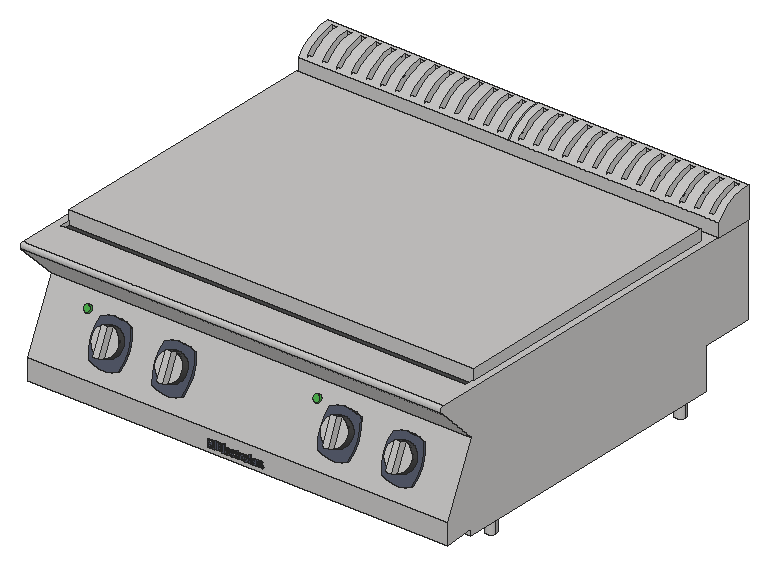
Revit family "QF_ELECTROLUXPROFESSIONAL_371028_E7HOEH4000", category Specialty Equipment, Revit 2018 (continued)
Automatic sketch dimensions
  Extrusion 13 sketch curve to Extrusion 13 sketch curve = 0.02 mm
  Extrusion 13 sketch curve to Extrusion 13 sketch curve = 0.468 mm
  Extrusion 13 sketch curve to Extrusion 13 sketch curve = 0.829 mm
  Extrusion 13 sketch curve to Extrusion 13 sketch curve = 0.582 mm
  Extrusion 13 sketch curve to Extrusion 13 sketch curve = 0.166 mm
  Extrusion 13 sketch curve to Extrusion 13 sketch curve = 0.16 mm
  Extrusion 13 sketch curve to Extrusion 13 sketch curve = 2.781 mm
  Extrusion 13 sketch curve to Extrusion 13 sketch curve = 1.118 mm
  Extrusion 13 sketch curve to Extrusion 13 sketch curve = 0.613 mm
  Extrusion 13 sketch curve to Extrusion 13 sketch curve = 0.361 mm
  Extrusion 13 sketch curve to Extrusion 13 sketch curve = 0.897 mm
  Extrusion 13 sketch curve to Extrusion 13 sketch curve = 0.167 mm
  Extrusion 13 sketch curve to Extrusion 13 sketch curve = 0.292 mm
  Extrusion 13 sketch curve to Extrusion 13 sketch curve = 0.305 mm
  Extrusion 13 sketch curve to Extrusion 13 sketch curve = 1.557 mm
  Extrusion 13 sketch curve to Extrusion 13 sketch curve = 2.499 mm
  Extrusion 13 sketch curve to Extrusion 13 sketch curve = 3.062 mm
  Extrusion 13 sketch curve to Extrusion 13 sketch curve = 2.968 mm
  Extrusion 13 sketch curve to Extrusion 13 sketch curve = 5.044 mm
  Extrusion 13 sketch curve to Extrusion 13 sketch curve = 0.629 mm  (x2)
  Extrusion 13 sketch curve to Extrusion 13 sketch curve = 1.131 mm
  Extrusion 13 sketch curve to Extrusion 13 sketch curve = 0.137 mm
  Extrusion 13 sketch curve to Extrusion 13 sketch curve = 0.027 mm
  Extrusion 13 sketch curve to Extrusion 13 sketch curve = 2.235 mm
  Extrusion 14 sketch curve to plane 10 "TOP A" = 0 mm
  Extrusion 14 sketch curve to plane 1 "BACK" = 0 mm
  plane 1 "BACK" to Extrusion 14 sketch curve = 1.769 mm
  plane 10 "TOP A" to Extrusion 14 sketch curve = 25.4 mm
  plane 1 "BACK" to Extrusion 14 sketch curve = 69.85 mm
  Extrusion 14 sketch curve to plane 10 "TOP A" = 27.4 mm
  plane 1 "BACK" to Extrusion 15 sketch curve = 6.761 mm
  plane 3 "LEFT" to Extrusion 15 sketch curve = 22.749 mm
  Extrusion 15 sketch curve to Extrusion 15 sketch curve = 9.296 mm
  Extrusion 15 sketch curve to Extrusion 15 sketch curve = 57.15 mm
  plane 1 "BACK" to Extrusion 16 sketch curve = 6.761 mm
  Extrusion 16 sketch curve to plane 7 "Center Y" = 15.301 mm
  Extrusion 16 sketch curve to Extrusion 16 sketch curve = 9.296 mm
  Extrusion 16 sketch curve to Extrusion 16 sketch curve = 57.15 mm
  plane 1 "BACK" to Extrusion 17 sketch curve = 6.761 mm
  plane 3 "LEFT" to Extrusion 17 sketch curve = 50.591 mm
  Extrusion 17 sketch curve to Extrusion 17 sketch curve = 9.296 mm
  Extrusion 17 sketch curve to Extrusion 17 sketch curve = 57.15 mm
  plane 1 "BACK" to Extrusion 18 sketch curve = 6.761 mm
  plane 3 "LEFT" to Extrusion 18 sketch curve = 78.433 mm
  Extrusion 18 sketch curve to Extrusion 18 sketch curve = 9.296 mm
  Extrusion 18 sketch curve to Extrusion 18 sketch curve = 57.15 mm
  plane 1 "BACK" to Extrusion 19 sketch curve = 6.761 mm
  plane 3 "LEFT" to Extrusion 19 sketch curve = 106.275 mm
  Extrusion 19 sketch curve to Extrusion 19 sketch curve = 9.296 mm
  Extrusion 19 sketch curve to Extrusion 19 sketch curve = 57.15 mm
  plane 1 "BACK" to Extrusion 20 sketch curve = 6.761 mm
  plane 3 "LEFT" to Extrusion 20 sketch curve = 134.118 mm
  Extrusion 20 sketch curve to Extrusion 20 sketch curve = 9.296 mm
  Extrusion 20 sketch curve to Extrusion 20 sketch curve = 57.15 mm
  plane 1 "BACK" to Extrusion 21 sketch curve = 6.761 mm
  plane 3 "LEFT" to Extrusion 21 sketch curve = 161.96 mm
  Extrusion 21 sketch curve to Extrusion 21 sketch curve = 9.296 mm
  Extrusion 21 sketch curve to Extrusion 21 sketch curve = 57.15 mm
  plane 1 "BACK" to Extrusion 22 sketch curve = 6.761 mm
  plane 3 "LEFT" to Extrusion 22 sketch curve = 189.802 mm
  Extrusion 22 sketch curve to Extrusion 22 sketch curve = 9.296 mm
  Extrusion 22 sketch curve to Extrusion 22 sketch curve = 57.15 mm
  plane 1 "BACK" to Extrusion 23 sketch curve = 6.761 mm
  Extrusion 23 sketch curve to plane 7 "Center Y" = 182.355 mm
  Extrusion 23 sketch curve to Extrusion 23 sketch curve = 9.296 mm
  Extrusion 23 sketch curve to Extrusion 23 sketch curve = 57.15 mm
  plane 1 "BACK" to Extrusion 24 sketch curve = 6.761 mm
  Extrusion 24 sketch curve to plane 7 "Center Y" = 154.513 mm
  Extrusion 24 sketch curve to Extrusion 24 sketch curve = 9.296 mm
  Extrusion 24 sketch curve to Extrusion 24 sketch curve = 57.15 mm
  plane 1 "BACK" to Extrusion 25 sketch curve = 6.761 mm
  Extrusion 25 sketch curve to plane 7 "Center Y" = 126.671 mm
  Extrusion 25 sketch curve to Extrusion 25 sketch curve = 9.296 mm
  Extrusion 25 sketch curve to Extrusion 25 sketch curve = 57.15 mm
  plane 1 "BACK" to Extrusion 26 sketch curve = 6.761 mm
  Extrusion 26 sketch curve to plane 7 "Center Y" = 98.828 mm
  Extrusion 26 sketch curve to Extrusion 26 sketch curve = 9.296 mm
  Extrusion 26 sketch curve to Extrusion 26 sketch curve = 57.15 mm
  plane 1 "BACK" to Extrusion 27 sketch curve = 6.761 mm
  Extrusion 27 sketch curve to plane 7 "Center Y" = 70.986 mm
  Extrusion 27 sketch curve to Extrusion 27 sketch curve = 9.296 mm
  Extrusion 27 sketch curve to Extrusion 27 sketch curve = 57.15 mm
  plane 1 "BACK" to Extrusion 28 sketch curve = 6.761 mm
  Extrusion 28 sketch curve to plane 7 "Center Y" = 43.144 mm
  Extrusion 28 sketch curve to Extrusion 28 sketch curve = 9.296 mm
  Extrusion 28 sketch curve to Extrusion 28 sketch curve = 57.15 mm
  Extrusion 29 sketch curve to plane 1 "BACK" = 6.761 mm
  plane 4 "RIGHT" to Extrusion 29 sketch curve = 22.649 mm
  Extrusion 29 sketch curve to Extrusion 29 sketch curve = 9.296 mm
  Extrusion 29 sketch curve to Extrusion 29 sketch curve = 57.15 mm
  Extrusion 30 sketch curve to plane 1 "BACK" = 6.761 mm
  Extrusion 30 sketch curve to plane 7 "Center Y" = 15.401 mm
  Extrusion 30 sketch curve to Extrusion 30 sketch curve = 9.296 mm
  Extrusion 30 sketch curve to Extrusion 30 sketch curve = 57.15 mm
  Extrusion 31 sketch curve to plane 1 "BACK" = 6.761 mm
  plane 4 "RIGHT" to Extrusion 31 sketch curve = 50.491 mm
  Extrusion 31 sketch curve to Extrusion 31 sketch curve = 9.296 mm
  Extrusion 31 sketch curve to Extrusion 31 sketch curve = 57.15 mm
  Extrusion 32 sketch curve to plane 1 "BACK" = 6.761 mm
  plane 4 "RIGHT" to Extrusion 32 sketch curve = 78.333 mm
  Extrusion 32 sketch curve to Extrusion 32 sketch curve = 9.296 mm
  Extrusion 32 sketch curve to Extrusion 32 sketch curve = 57.15 mm
  Extrusion 33 sketch curve to plane 1 "BACK" = 6.761 mm
  plane 4 "RIGHT" to Extrusion 33 sketch curve = 106.175 mm
  Extrusion 33 sketch curve to Extrusion 33 sketch curve = 9.296 mm
  Extrusion 33 sketch curve to Extrusion 33 sketch curve = 57.15 mm
  Extrusion 34 sketch curve to plane 1 "BACK" = 6.761 mm
  plane 4 "RIGHT" to Extrusion 34 sketch curve = 134.018 mm
  Extrusion 34 sketch curve to Extrusion 34 sketch curve = 9.296 mm
  Extrusion 34 sketch curve to Extrusion 34 sketch curve = 57.15 mm
  Extrusion 35 sketch curve to plane 1 "BACK" = 6.761 mm
  plane 4 "RIGHT" to Extrusion 35 sketch curve = 161.86 mm
  Extrusion 35 sketch curve to Extrusion 35 sketch curve = 9.296 mm
  Extrusion 35 sketch curve to Extrusion 35 sketch curve = 57.15 mm
  Extrusion 36 sketch curve to plane 1 "BACK" = 6.761 mm
  plane 4 "RIGHT" to Extrusion 36 sketch curve = 189.702 mm
  Extrusion 36 sketch curve to Extrusion 36 sketch curve = 9.296 mm
  Extrusion 36 sketch curve to Extrusion 36 sketch curve = 57.15 mm
  Extrusion 37 sketch curve to plane 1 "BACK" = 6.761 mm
  Extrusion 37 sketch curve to plane 7 "Center Y" = 182.455 mm
  Extrusion 37 sketch curve to Extrusion 37 sketch curve = 9.296 mm
  Extrusion 37 sketch curve to Extrusion 37 sketch curve = 57.15 mm
  Extrusion 38 sketch curve to plane 1 "BACK" = 6.761 mm
  Extrusion 38 sketch curve to plane 7 "Center Y" = 154.613 mm
  Extrusion 38 sketch curve to Extrusion 38 sketch curve = 9.296 mm
  Extrusion 38 sketch curve to Extrusion 38 sketch curve = 57.15 mm
  Extrusion 39 sketch curve to plane 1 "BACK" = 6.761 mm
  Extrusion 39 sketch curve to plane 7 "Center Y" = 126.771 mm
  Extrusion 39 sketch curve to Extrusion 39 sketch curve = 9.296 mm
  Extrusion 39 sketch curve to Extrusion 39 sketch curve = 57.15 mm
  Extrusion 40 sketch curve to plane 1 "BACK" = 6.761 mm
  Extrusion 40 sketch curve to plane 7 "Center Y" = 98.928 mm
  Extrusion 40 sketch curve to Extrusion 40 sketch curve = 9.296 mm
  Extrusion 40 sketch curve to Extrusion 40 sketch curve = 57.15 mm
  Extrusion 41 sketch curve to plane 1 "BACK" = 6.761 mm
  Extrusion 41 sketch curve to plane 7 "Center Y" = 71.086 mm
  Extrusion 41 sketch curve to Extrusion 41 sketch curve = 9.296 mm
  Extrusion 41 sketch curve to Extrusion 41 sketch curve = 57.15 mm
  Extrusion 42 sketch curve to plane 1 "BACK" = 6.761 mm
  Extrusion 42 sketch curve to plane 7 "Center Y" = 43.244 mm
  Extrusion 42 sketch curve to Extrusion 42 sketch curve = 9.296 mm
  Extrusion 42 sketch curve to Extrusion 42 sketch curve = 57.15 mm
  plane 1 "BACK" to Extrusion 43 sketch curve = 0 mm
  plane 7 "Center Y" to Extrusion 43 sketch curve = 1.537 mm
  Extrusion 43 sketch curve to plane 7 "Center Y" = 1.638 mm
  Extrusion 43 sketch curve to Extrusion 43 sketch curve = 69.85 mm
  plane 1 "BACK" to curve 127 = 0 mm
  plane 1 "BACK" to curve 128 = 0 mm
  curve 71 to plane 4 "RIGHT" = 13.453 mm
  curve 71 to curve 74 = 9.296 mm
  curve 73 to curve 79 = 18.547 mm
  curve 79 to curve 80 = 9.296 mm
  curve 81 to curve 86 = 18.547 mm
  curve 83 to curve 85 = 9.296 mm
  curve 85 to curve 90 = 18.547 mm
  curve 87 to curve 88 = 9.296 mm
  curve 89 to curve 91 = 18.547 mm
  curve 91 to curve 92 = 9.296 mm
  curve 93 to curve 98 = 18.547 mm
  curve 95 to curve 97 = 9.296 mm
  plane 1 "BACK" to curve 99 = 6.761 mm
  curve 96 to curve 99 = 18.547 mm
  curve 99 to curve 102 = 9.296 mm
  plane 1 "BACK" to curve 103 = 6.761 mm
  curve 100 to curve 103 = 18.547 mm
  curve 103 to curve 104 = 9.296 mm
  curve 105 to curve 107 = 18.547 mm
  curve 107 to curve 108 = 9.296 mm
  curve 109 to curve 111 = 18.547 mm
  curve 111 to curve 112 = 9.296 mm
  curve 113 to curve 118 = 18.547 mm
  curve 115 to curve 116 = 9.296 mm
  curve 117 to curve 119 = 18.547 mm
  curve 119 to curve 120 = 9.296 mm
  curve 121 to curve 126 = 18.547 mm
  curve 123 to curve 125 = 9.296 mm
  plane 1 "BACK" to curve 76 = 6.761 mm
  curve 124 to curve 76 = 18.547 mm
  curve 75 to curve 77 = 9.296 mm
  plane 7 "Center Y" to curve 127 = 1.637 mm
  curve 128 to plane 7 "Center Y" = 1.537 mm
  curve 128 to curve 21 = 13.764 mm
  curve 20 to curve 20 = 9.296 mm
  curve 19 to curve 69 = 18.547 mm
  curve 68 to curve 68 = 9.296 mm
  plane 1 "BACK" to curve 65 = 6.761 mm
  curve 67 to curve 65 = 18.547 mm
  curve 65 to curve 63 = 9.296 mm
  curve 63 to curve 62 = 18.547 mm
  curve 61 to curve 62 = 9.296 mm
  plane 1 "BACK" to curve 57 = 6.761 mm
  curve 59 to curve 57 = 18.547 mm
  curve 57 to curve 55 = 9.296 mm
  curve 55 to curve 54 = 18.547 mm
  curve 53 to curve 54 = 9.296 mm
  plane 1 "BACK" to curve 49 = 6.761 mm
  curve 51 to curve 49 = 18.547 mm
  curve 49 to curve 50 = 9.296 mm
  curve 47 to curve 46 = 18.547 mm
  curve 44 to curve 43 = 9.296 mm
  plane 1 "BACK" to curve 41 = 6.761 mm
  curve 43 to curve 41 = 18.547 mm
  curve 40 to curve 40 = 9.296 mm
  curve 39 to curve 38 = 18.547 mm
  curve 37 to curve 35 = 9.296 mm
  curve 35 to curve 34 = 18.547 mm
  curve 32 to curve 31 = 9.296 mm
  plane 1 "BACK" to curve 29 = 6.761 mm
  curve 31 to curve 29 = 18.547 mm
  curve 29 to curve 30 = 9.296 mm
  curve 27 to curve 25 = 18.547 mm
  curve 24 to curve 23 = 9.296 mm
  plane 1 "BACK" to curve 16 = 6.761 mm
  curve 23 to curve 16 = 18.547 mm
  curve 16 to curve 16 = 9.296 mm
  plane 1 "BACK" to curve 125 = 6.761 mm
  plane 1 "BACK" to curve 19 = 6.761 mm
  plane 1 "BACK" to curve 121 = 6.761 mm
  plane 1 "BACK" to curve 23 = 6.761 mm
  plane 1 "BACK" to curve 117 = 6.761 mm
  plane 1 "BACK" to curve 113 = 6.761 mm
  plane 1 "BACK" to curve 31 = 6.761 mm
  plane 1 "BACK" to curve 109 = 6.761 mm
  plane 1 "BACK" to curve 35 = 6.761 mm
  plane 1 "BACK" to curve 43 = 6.761 mm
  plane 1 "BACK" to curve 97 = 6.761 mm
  plane 1 "BACK" to curve 93 = 6.761 mm
  plane 1 "BACK" to curve 51 = 6.761 mm
  plane 1 "BACK" to curve 89 = 6.761 mm
  plane 1 "BACK" to curve 85 = 6.761 mm
  plane 1 "BACK" to curve 59 = 6.761 mm
  plane 1 "BACK" to curve 81 = 6.761 mm
  plane 1 "BACK" to curve 67 = 6.761 mm
  plane 1 "BACK" to curve 73 = 6.761 mm
  curve 15 to curve 15 = 57.15 mm
  curve 67 to curve 70 = 57.15 mm
  curve 72 to curve 73 = 57.15 mm
  curve 75 to curve 75 = 57.15 mm
  curve 66 to curve 67 = 0 mm
  curve 79 to curve 73 = 0 mm
  curve 62 to curve 63 = 0 mm
  curve 83 to curve 81 = 0 mm
  curve 58 to curve 59 = 0 mm
  curve 87 to curve 85 = 0 mm
  curve 54 to curve 55 = 0 mm
  curve 91 to curve 89 = 0 mm
  curve 50 to curve 51 = 0 mm
  curve 95 to curve 93 = 0 mm
  curve 46 to curve 47 = 0 mm
  curve 99 to curve 97 = 0 mm
  curve 42 to curve 43 = 0 mm
  curve 103 to curve 101 = 0 mm
  curve 38 to curve 39 = 0 mm
  curve 107 to curve 105 = 0 mm
  curve 34 to curve 35 = 0 mm
  curve 111 to curve 109 = 0 mm
  curve 30 to curve 31 = 0 mm
  curve 115 to curve 113 = 0 mm
  curve 17 to curve 26 = 0 mm
  curve 119 to curve 117 = 0 mm
  curve 69 to curve 22 = 0 mm
  curve 123 to curve 121 = 0 mm
  curve 21 to curve 128 = 5.939 mm
  curve 128 to curve 127 = 0 mm
  Extrusion 44 sketch curve to Extrusion 1 = 31.333 mm  (x4)
  Extrusion 44 sketch curve to Extrusion 44 sketch curve = 12.3 mm  (x6)
  Extrusion 44 sketch curve to Extrusion 44 sketch curve = 34.925 mm  (x3)
  Extrusion 44 sketch curve to Extrusion 44 sketch curve = 0 mm
  Extrusion 1 to Extrusion 44 sketch curve = 44.467 mm  (x2)
  Extrusion 1 to Extrusion 44 sketch curve = 52.126 mm
  Extrusion 44 sketch curve to Extrusion 44 sketch curve = 25.727 mm  (x2)
  Extrusion 44 sketch curve to Extrusion 44 sketch curve = 25.771 mm  (x2)
  Extrusion 44 sketch curve to Extrusion 44 sketch curve = 28.531 mm  (x2)
  Extrusion 44 sketch curve to Extrusion 44 sketch curve = 12.664 mm
  Extrusion 46 sketch curve to Extrusion 46 sketch curve = 24.732 mm
  Extrusion 46 sketch curve to Extrusion 46 sketch curve = 0 mm
  Extrusion 1 to Extrusion 47 sketch curve = 29.678 mm
  Extrusion 1 to Extrusion 47 sketch curve = 282.819 mm
  Extrusion 48 sketch curve to plane 4 "RIGHT" = 106.605 mm
  Extrusion 49 sketch curve to Extrusion 49 sketch curve = 24.732 mm
  Extrusion 49 sketch curve to Extrusion 49 sketch curve = 0 mm
  radius of Extrusion 3 sketch curve = 9.525 mm  (x4)
  radius of Extrusion 5 sketch curve = 25.4 mm
  radius of Extrusion 6 sketch curve to Extrusion 5 = 0 mm  (x2)
  radius of Extrusion 7 sketch curve = 6.35 mm
  radius of Extrusion 8 sketch curve = 12.7 mm
  radius of Extrusion 10 sketch curve = 25.4 mm
  radius of Extrusion 11 sketch curve to Extrusion 10 = 0 mm  (x2)
  radius of Extrusion 45 sketch curve = 25.4 mm
  radius of Extrusion 46 sketch curve to Extrusion 45 = 0 mm  (x2)
  radius of Extrusion 47 sketch curve = 6.35 mm
  radius of Extrusion 48 sketch curve = 25.4 mm
  radius of Extrusion 49 sketch curve to Extrusion 48 = 0 mm  (x2)
Connectors
  electrical at (736.5, -88.9, 57.906), driven by "Volts", driven by "Watts"
    settings: on Extrusion 8, index 1, voltage 400 V, apparent load 10000 VA, apparent load phase1 0 VA, apparent load phase2 0 VA, apparent load phase3 0 VA, power factor 1, load classification "Other", number of poles 1, system type 30, power factor state 1, is connector primary yes, connector utility no, sub classification motor no, connector description "Electrical Connection"
